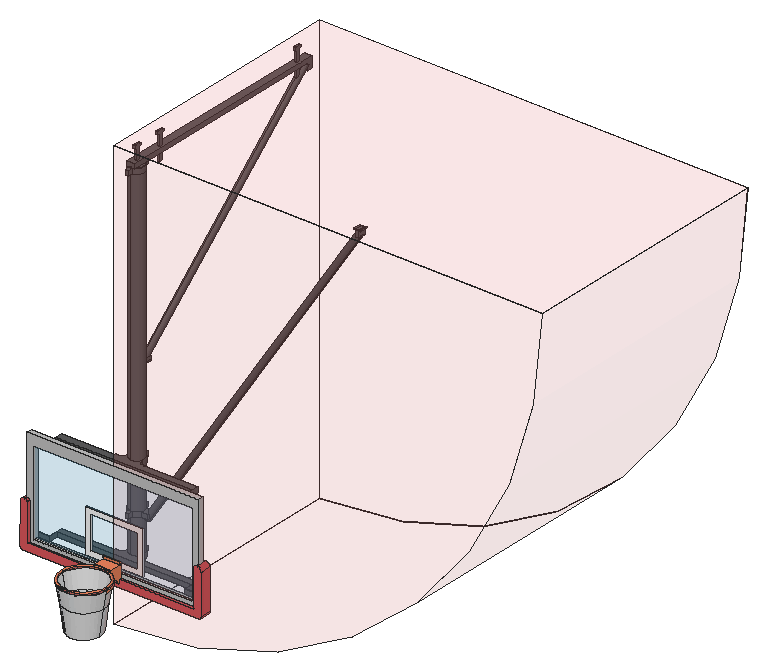
Revit family "Basketball_Backstop-Ceiling_Mount-Side_Fold-IPIbyBison-IP1345SF", category Specialty Equipment, Revit 2024
Family settings
  Round Connector Dimension = Use Diameter
  Part Type = Normal
  OmniClass Number = 23.40.50.34.14
  OmniClass Title = Gymnasium Equipment
  Enable Cutting in Views = No
  Always vertical = Yes
  Cut with Voids When Loaded = No
  Maintain Annotation Orientation = No
  Shared = No
  Room Calculation Point = No
Parameters (values of type "Right Fold")
  swingvis [instance] = and(Swing Clearance Visible, or(Fold Left, Fold Right))  # yes
  swingangle [instance] = if(Fold Left, 90.00°, -90.00°)  # -90.00°
  Unit Weight [instance] = 0
  URL = "https://ipibybison.com/"
  Swing Clearance Visible [instance] = yes
  Specification = "https://www.arcat.com/company/ipi-by-bison-38554/spec"
  Set Frame Below Truss Level [instance] = -0' - 1"
  Rim Color [instance] = Plastic - IPI by Bison - Orange OR
  Product Page URL = "https://www.arcat.com/arcatcos/cos38/arc38554.html"
  Net Color [instance] = Finish - IPI by Bison - White Netting
  Model = "IP1345SFR"
  Manufacturer = "IPI by Bison"
  Keynote = "11 66 00"
  Glass [instance] = Glass - IPI by Bison
  Frame Finish [instance] = Finish - IPI by Bison - Black
  Folding Clearance [instance] = ARCAT Clearance
  Fold Right = yes
  Fold Left = no
  F_Length of Piping Below Brace Point [instance] = 1' - 6"
  FF to Top of Hoop [instance] = 10' - 0"
  Description = "Back Folding Basketball Frame and Backboard, Ceiling Mount"
  Default Elevation = 0' - 0"
  Copyright = "© 2023 ARCAT"  # constant formula
  CAD Details = "https://www.arcat.com/company/ipi-by-bison-38554/cad"
  Backboard Type = Backboard_BA42XLGlass : Backboard_BA42XLGlass
  Backboard Square Color [instance] = Finish - IPI by Bison - White
  Backboard Padding Color [instance] = Plastic - IPI by Bison - Scarlet SC
  Backboard Frame Color [instance] = Finish - IPI by Bison - Satin Aluminum
  Backboard Distance from Wall [instance] = 7' - 0"
  B_Distance Between Y Frame Supports [instance] = 6' - 0"
  Available Options = "as Specified"
  A_Distance to Brace [instance] = 7' - 10"
Types (2): name | swingangle | Model | Fold Right | Fold Left
  Right Fold | -90.00° | "IP1345SFR" | yes | no
  Left Fold | 90.00° | "IP1345SFL" | no | yes
Reference planes (in)
  plane 1 "Center (Front/Back)": y = 0
  plane 2: z = 0
  plane 3 "Center (Left/Right)": x = 0
  plane 4: y = -84
  plane 5: z = 120
  plane 6: y = -72
  plane 7: y = 0
Forms (in)
  Revolve 1, solid, material "ARCAT Clearance" <- "Folding Clearance", visible <- "swingvis"
    sketch origin (0, 0, 0) x (0, 1, 0) y (0, 0, 1)
      loop
        line (12, 276) -> (-96, 276) -> (-96, 96) -> (12, 96) -> (12, 276)
      axis (12, 276) -> (-96, 276)
    angle from 0 to -90 <- "swingangle"
Dimensions and locks (in)
  "Backboard Distance from Wall": plane 4 to plane 1 "Center (Front/Back)"
  "FF to Top of Hoop": plane 5 to level
  locked: plane 4 to plane 6 at 12
  "B_Distance Between Y Frame Supports": plane 6 to plane 7
  locked: plane 7 to Revolve 1 sketch curve at 12
  locked: Revolve 1 sketch curve to plane 4 at 12
  locked: Revolve 1 sketch curve to plane 5 at 24
  aligned and locked: level to plane 2
  aligned and locked: plane 4 to nested 1
  aligned and locked: nested 2 to plane 3 "Center (Left/Right)"
  aligned and locked: nested 3 to plane 3 "Center (Left/Right)"
  aligned and locked: nested 2 to plane 4
  aligned and locked: plane 4 to nested 3
  aligned and locked: level to Revolve 1 sketch curve
Automatic sketch dimensions
  Revolve 1 sketch curve to level = 0' - 0"
  Revolve 1 sketch curve to Revolve 1 sketch curve = 1' - 10"
  Revolve 1 sketch curve to Revolve 1 sketch curve = 0' - 8"
Nested families (in)
  nested 1: "Backboard_BA42XLGlass" at (0, -84, 120) x (-1, 0, 0) z (0, 0, 1), built-in parameter 1001364 <- "FF to Top of Hoop", backboard color <- "Backboard Frame Color", backboard square color <- "Backboard Square Color", frame finish <- "Frame Finish", glass <- "Glass", rim finish <- "Rim Color", net color <- "Net Color", padding color <- "Backboard Padding Color", height offset <- "FF to Top of Hoop", type "Backboard_BA42XLGlass"
    with rim finish Plastic - IPI by Bison - Orange OR, padding color Plastic - IPI by Bison - Scarlet SC, net color Finish - IPI by Bison - White Netting, height offset 10' - 0", glass Glass - IPI by Bison, frame finish Finish - IPI by Bison - Black, backboard square color Finish - IPI by Bison - White, backboard color Finish - IPI by Bison - Satin Aluminum
  nested 2: "Frame_SFSB" at (0, -84, 275) x (0, -1, 0) z (0, 0, 1), built-in parameter 1001364 <- "Set Frame Below Truss Level", a <- "A_Distance to Brace", b <- "B_Distance Between Y Frame Supports", f <- "F_Length of Piping Below Brace Point", frame <- "Frame Finish", visible <- "Fold Right", type "Frame_SFSB"
    with frame Finish - IPI by Bison - Black, f 1' - 6", b 6' - 0", a 7' - 10"
  nested 3: "Frame_SFSB" at (0, -84, 275) x (0, -1, 0) z (0, 0, 1), built-in parameter 1001364 <- "Set Frame Below Truss Level", a <- "A_Distance to Brace", b <- "B_Distance Between Y Frame Supports", f <- "F_Length of Piping Below Brace Point", frame <- "Frame Finish", visible <- "Fold Left", type "Frame_SFSB"
    with frame Finish - IPI by Bison - Black, f 1' - 6", b 6' - 0", a 7' - 10"
Definition of nested family "Backboard_BA42XLGlass"
  Parameters (values of type "Backboard_BA42XLGlass")
    padding color [instance] = none
    net color [instance] = none
    rim finish [instance] = none
    height offset [instance] = 9' - 6"
    glass [instance] = none
    frame finish [instance] = none
    backboard square color [instance] = none
    backboard color [instance] = none
    Default Elevation = 4' - 0"
  Reference planes (in)
    plane 1 "Center (Front/Back)": y = 0
    plane 2: z = 0
    plane 3 "Center (Left/Right)": x = 0
    plane 4: z = -114
  Forms (in)
    Extrusion 1, solid, material <- "backboard color"
      sketch origin (-8.43545, 11.2937, 28.94441) x (1, 0, 0) y (0, 0, 1)
        loop
          line (-27.56455, 6.99989) -> (-27.56455, -35.00011) -> (44.43545, -35.00011) -> (44.43545, 6.99989) -> (-27.56455, 6.99989)
        loop
          line (41.81045, 2.74989) -> (-24.93955, 2.74989) -> (-24.93955, -32.37511) -> (41.81045, -32.37511) -> (41.81045, 2.74989)
      from 1.125 to -1.125
    Extrusion 2, solid, material <- "padding color"
      sketch origin (-8.43545, 11.2937, 29.06941) x (1, 0, 0) y (0, 0, 1)
        loop
          line (-27.55038, -17.62511) -> (-27.80038, -17.62511)
          arc (-27.80038, -17.62511) -> (-29.03781, -18.13767) -> (-29.55038, -19.37511) r 1.75
          line (-29.55038, -19.37511) -> (-29.55038, -36.12511)
          arc (-29.55038, -36.12511) -> (-29.25748, -36.83222) -> (-28.55038, -37.12511) r 1
          line (-28.55038, -37.12511) -> (45.44962, -37.12511)
          arc (45.44962, -37.12511) -> (46.15673, -36.83222) -> (46.44962, -36.12511) r 1
          line (46.44962, -36.12511) -> (46.44962, -19.37511)
          arc (46.44962, -19.37511) -> (45.93706, -18.13767) -> (44.69962, -17.62511) r 1.75
          line (44.69962, -17.62511) -> (44.42127, -17.62511)
          arc (44.42127, -17.62511) -> (43.71416, -17.918) -> (43.42127, -18.62511) r 1
          line (43.42127, -18.62511) -> (43.42127, -33.98376) -> (-26.55038, -33.98376) -> (-26.55038, -18.62511)
          arc (-26.55038, -18.62511) -> (-26.84327, -17.918) -> (-27.55038, -17.62511) r 1
      from -2.18697 to 2.14819
    Revolve 3, solid, material <- "net color"
      sketch origin (-8.43545, 27.4812, 28.93687) x (1, 0, 0) y (0, 0, 1)
        loop
          circle (-0.85808, -29.24642) r 0.3125
        loop
          line (-1.03195, -29.9762) -> (0.27041, -37.36226) -> (1.80132, -48.25521) -> (2.05377, -48.25521) -> (0.51737, -37.32314) -> (-0.77809, -29.9762) -> (-1.03195, -29.9762)
        axis (8.43545, -48.25521) -> (8.43545, -29.24642)
      angle from 0 to 360
    Revolve 4, solid, material <- "rim finish"
      sketch origin (0.02792, 11.2937, 0) x (0, 1, 0) y (0, 0, 1)
        loop
          line (6.79001, -0.625) -> (6.54001, -0.625) -> (6.54001, -2.125) -> (6.79001, -2.125) -> (6.79001, -0.625)
        axis (16.04001, -2.125) -> (16.04001, -0.625)
      angle from -90 to 90
    Extrusion 5, solid, material <- "rim finish"
      sketch origin (0, 0, 0) x (0, 1, 0) y (0, 0, 1)
        loop
          line (17.69724, 0) -> (12.8212, 0) -> (13.12361, 1.21287) -> (12.79369, 1.29513) -> (12.47078, 0) -> (12.47078, -6.5) -> (13.63137, -6.5) -> (17.69724, -2.43414) -> (17.69724, 0)
      from -3.50075 to 3.49925
    Extrusion 6, solid, material <- "backboard square color"
      sketch origin (0.02792, 11.2937, 0) x (1, 0, 0) y (0, 0, 1)
        loop
          line (-12.02792, 16.0023) -> (-12.02792, -1.9977) -> (11.97208, -1.9977) -> (11.97208, 16.0023) -> (-12.02792, 16.0023)
        loop
          line (-10.02792, 14.0023) -> (-10.02792, 0) -> (9.97208, 0) -> (9.97208, 14.0023) -> (-10.02792, 14.0023)
      from -0.44333 to 0.05679
    Extrusion 7, solid, material <- "glass"
      sketch origin (0.02792, 11.2937, 0) x (1, 0, 0) y (0, 0, 1)
        loop
          line (-33.40292, 31.6943) -> (-33.40292, -3.4307) -> (33.34708, -3.4307) -> (33.34708, 31.6943) -> (-33.40292, 31.6943)
      from -0.405 to 0
    Extrusion 8, solid, material <- "frame finish"
      sketch origin (0, 11.2937, 0) x (1, 0, 0) y (0, 1, 0)
        loop
          line (-28.5, -7.7495) -> (-6, -7.7495) -> (-6, -8.1245) -> (-4.12188, -8.1245) -> (-3.02199, -10.02957)
          arc (-3.02199, -10.02957) -> (-2.89931, -12.81607) -> (-0.66175, -14.4813) r 3.25
          line (-0.66175, -14.4813) -> (-0.66175, -16.28845) -> (0.60591, -16.28845) -> (0.60591, -14.4813)
          arc (0.60591, -14.4813) -> (2.82905, -12.84298) -> (2.98938, -10.08605) r 3.25
          line (2.98938, -10.08605) -> (4.12188, -8.1245) -> (6, -8.1245) -> (6, -7.7495) -> (28.5, -7.7495) -> (28.5, -1.4995) -> (33, -1.4995) -> (33, -1.125) -> (28.25, -1.125) -> (28.25, -4.7495) -> (-28.25, -4.7495) -> (-28.25, -1.125) -> (-33, -1.125) -> (-33, -1.4995) -> (-28.5, -1.4995) -> (-28.5, -7.7495)
      from -3.4307 to -1.5237
    Extrusion 9, solid, material <- "frame finish"
      sketch origin (0, 11.2937, 0) x (1, 0, 0) y (0, 1, 0)
        loop
          line (-28.5, -7.7495) -> (-6, -7.7495) -> (-6, -8.1245) -> (-4.12188, -8.1245) -> (-3.02199, -10.02957)
          arc (-3.02199, -10.02957) -> (-2.89931, -12.81607) -> (-0.66175, -14.4813) r 3.25
          line (-0.66175, -14.4813) -> (-0.66175, -16.28845) -> (0.60591, -16.28845) -> (0.60591, -14.4813)
          arc (0.60591, -14.4813) -> (2.82905, -12.84298) -> (2.98938, -10.08605) r 3.25
          line (2.98938, -10.08605) -> (4.12188, -8.1245) -> (6, -8.1245) -> (6, -7.7495) -> (28.5, -7.7495) -> (28.5, -1.4995) -> (33, -1.4995) -> (33, -1.125) -> (28.25, -1.125) -> (28.25, -4.7495) -> (-28.25, -4.7495) -> (-28.25, -1.125) -> (-33, -1.125) -> (-33, -1.4995) -> (-28.5, -1.4995) -> (-28.5, -7.7495)
      from 31.75979 to 34.1423
  Lines and regions (in)
    model lines
      curve 1: line (-0.00075, 0, 0) -> (-0.00075, 0, -114)
  Dimensions and locks (in)
    "height offset": level to plane 4
    aligned and locked: plane 2 to level
    aligned and locked: plane 4 to curve 1
  Automatic sketch dimensions
    curve 1 to level = 0' - 0"
    curve 1 to plane 3 "Center (Left/Right)" = 0' - 0.00075"
    Extrusion 1 sketch curve to plane 3 "Center (Left/Right)" = 3' - 0"
    Extrusion 1 sketch curve to Extrusion 1 sketch curve = 0' - 2 5/8"  (x2)
    plane 3 "Center (Left/Right)" to Extrusion 1 sketch curve = 2' - 9 3/8"
    Extrusion 1 sketch curve to level = 0' - 6.0557"
    Extrusion 1 sketch curve to level = 0' - 3.4307"
    level to Extrusion 1 sketch curve = 2' - 7.6943"
    Extrusion 1 sketch curve to Extrusion 1 sketch curve = 0' - 4 1/4"
    level to Extrusion 2 sketch curve = 0' - 9.6943"
    Extrusion 2 sketch curve to plane 3 "Center (Left/Right)" = 3' - 1.98582"
    Extrusion 2 sketch curve to Extrusion 2 sketch curve = 0' - 1"  (x4)
    Extrusion 2 sketch curve to Extrusion 2 sketch curve = 0' - 1 3/4"
    Extrusion 2 sketch curve to Extrusion 2 sketch curve = 0' - 0 1/4"
    level to Extrusion 2 sketch curve = 0' - 10.4443"
    plane 3 "Center (Left/Right)" to Extrusion 2 sketch curve = 2' - 10.98582"
    Extrusion 2 sketch curve to Extrusion 2 sketch curve = 0' - 0.27835"
    Extrusion 2 sketch curve to Extrusion 2 sketch curve = 0' - 2.02835"
    Extrusion 2 sketch curve to level = 0' - 4.91435"
    Extrusion 2 sketch curve to Extrusion 2 sketch curve = 0' - 2.14135"
    Revolve 3 sketch curve to plane 3 "Center (Left/Right)" = 0' - 0"
    Revolve 3 sketch curve to plane 3 "Center (Left/Right)" = 0' - 6.38167"
    Revolve 3 sketch curve to Revolve 3 sketch curve = 0' - 0.25246"
    Revolve 3 sketch curve to plane 3 "Center (Left/Right)" = 0' - 7.91808"
    Revolve 3 sketch curve to Revolve 3 sketch curve = 0' - 0.24696"
    Revolve 3 sketch curve to level = 0' - 1.03933"
    Revolve 3 sketch curve to Revolve 3 sketch curve = 0' - 1.0485"
    Revolve 3 sketch curve to level = 0' - 0.30954"
    Revolve 3 sketch curve to Revolve 3 sketch curve = 0' - 0.07999"
    Revolve 3 sketch curve to Revolve 3 sketch curve = 0' - 0.25386"
    Revolve 3 sketch curve to Revolve 3 sketch curve = 0' - 7.34694"
    Revolve 3 sketch curve to Revolve 3 sketch curve = 0' - 0.03911"
    Revolve 3 sketch curve to Revolve 3 sketch curve = 0' - 10.89295"
    Revolve 3 sketch curve to level = 0' - 0.00754"
    level to Revolve 3 sketch curve = 0' - 2.99246"
    Revolve 4 sketch curve to level = 0' - 2 1/8"
    Revolve 4 sketch curve to plane 1 "Center (Front/Back)" = 1' - 5.83371"
    Revolve 4 sketch curve to Revolve 4 sketch curve = 0' - 0 1/4"
    Revolve 4 sketch curve to level = 0' - 0 5/8"  (x2)
    Revolve 4 sketch curve to Revolve 4 sketch curve = 0' - 9 1/4"
    level to Revolve 4 sketch curve = 0' - 3 1/8"
    Extrusion 5 sketch curve to level = 0' - 0"  (x2)
    Extrusion 5 sketch curve to plane 1 "Center (Front/Back)" = 1' - 0.47078"
    level to Extrusion 5 sketch curve = 0' - 1.29513"
    Extrusion 5 sketch curve to Extrusion 5 sketch curve = 0' - 0.32291"
    Extrusion 5 sketch curve to Extrusion 5 sketch curve = 0' - 0.35043"
    Extrusion 5 sketch curve to Extrusion 5 sketch curve = 0' - 1.16059"
    Extrusion 5 sketch curve to Extrusion 5 sketch curve = 0' - 4.57363"
    Extrusion 5 sketch curve to Extrusion 5 sketch curve = 0' - 2.43414"
    Extrusion 5 sketch curve to Extrusion 5 sketch curve = 0' - 6 1/2"
    Extrusion 6 sketch curve to level = 0' - 0"
    Extrusion 6 sketch curve to level = 0' - 1.9977"
    Extrusion 6 sketch curve to plane 3 "Center (Left/Right)" = 1' - 0"
    Extrusion 6 sketch curve to Extrusion 6 sketch curve = 0' - 2"  (x3)
    plane 3 "Center (Left/Right)" to Extrusion 6 sketch curve = 0' - 10"
    Extrusion 6 sketch curve to Extrusion 6 sketch curve = 1' - 2.0023"
    Extrusion 7 sketch curve to plane 3 "Center (Left/Right)" = 2' - 9 3/8"
    Extrusion 7 sketch curve to level = 0' - 3.4307"
    plane 3 "Center (Left/Right)" to Extrusion 7 sketch curve = 2' - 9 3/8"
    level to Extrusion 7 sketch curve = 2' - 7.6943"
    Extrusion 8 sketch curve to Extrusion 8 sketch curve = 0' - 0"  (x3)
    plane 1 "Center (Front/Back)" to Extrusion 8 sketch curve = 0' - 0"
    Extrusion 8 sketch curve to plane 1 "Center (Front/Back)" = 0' - 9.7942"
    Extrusion 8 sketch curve to plane 3 "Center (Left/Right)" = 2' - 9"
    Extrusion 8 sketch curve to plane 1 "Center (Front/Back)" = 0' - 3.5442"
    Extrusion 8 sketch curve to Extrusion 8 sketch curve = 0' - 4 1/2"  (x2)
    Extrusion 8 sketch curve to Extrusion 8 sketch curve = 0' - 0 1/4"  (x2)
    Extrusion 8 sketch curve to plane 3 "Center (Left/Right)" = 0' - 6"
    Extrusion 8 sketch curve to Extrusion 8 sketch curve = 0' - 1.87812"  (x2)
    Extrusion 8 sketch curve to Extrusion 8 sketch curve = 0' - 1.09989"
    Extrusion 8 sketch curve to plane 3 "Center (Left/Right)" = 0' - 0.66175"
    Extrusion 8 sketch curve to plane 3 "Center (Left/Right)" = 0' - 0.02792"
    plane 3 "Center (Left/Right)" to Extrusion 8 sketch curve = 0' - 0.60591"
    Extrusion 8 sketch curve to plane 1 "Center (Front/Back)" = 0' - 1.20765"
    plane 3 "Center (Left/Right)" to Extrusion 8 sketch curve = 0' - 2.98938"
    Extrusion 8 sketch curve to Extrusion 8 sketch curve = 0' - 1.1325"
    Extrusion 8 sketch curve to plane 1 "Center (Front/Back)" = 0' - 10.1687"
    Extrusion 8 sketch curve to Extrusion 8 sketch curve = 1' - 10 1/4"
    Extrusion 8 sketch curve to Extrusion 8 sketch curve = 0' - 1.80715"
    Extrusion 8 sketch curve to Extrusion 8 sketch curve = 0' - 0 3/8"  (x2)
    Extrusion 8 sketch curve to plane 1 "Center (Front/Back)" = 0' - 3.1692"
    Extrusion 8 sketch curve to Extrusion 8 sketch curve = 0' - 3"
    Extrusion 8 sketch curve to Extrusion 8 sketch curve = 0' - 0.3745"  (x2)
    Extrusion 9 sketch curve to Extrusion 9 sketch curve = 0' - 0"  (x3)
    plane 1 "Center (Front/Back)" to Extrusion 9 sketch curve = 0' - 0"
    Extrusion 9 sketch curve to plane 1 "Center (Front/Back)" = 0' - 9.7942"
    Extrusion 9 sketch curve to plane 3 "Center (Left/Right)" = 2' - 9"
    Extrusion 9 sketch curve to plane 1 "Center (Front/Back)" = 0' - 3.5442"  (x2)
    Extrusion 9 sketch curve to Extrusion 9 sketch curve = 0' - 4 1/2"  (x2)
    Extrusion 9 sketch curve to Extrusion 9 sketch curve = 0' - 0 1/4"  (x2)
    Extrusion 9 sketch curve to plane 3 "Center (Left/Right)" = 0' - 6"
    Extrusion 9 sketch curve to Extrusion 9 sketch curve = 0' - 1.87812"  (x2)
    Extrusion 9 sketch curve to Extrusion 9 sketch curve = 0' - 1.09989"
    Extrusion 9 sketch curve to plane 3 "Center (Left/Right)" = 0' - 0.66175"
    Extrusion 9 sketch curve to plane 3 "Center (Left/Right)" = 0' - 0.02792"
    plane 3 "Center (Left/Right)" to Extrusion 9 sketch curve = 0' - 0.60591"
    Extrusion 9 sketch curve to plane 1 "Center (Front/Back)" = 0' - 1.20765"
    plane 3 "Center (Left/Right)" to Extrusion 9 sketch curve = 0' - 2.98938"
    Extrusion 9 sketch curve to Extrusion 9 sketch curve = 0' - 1.1325"
    Extrusion 9 sketch curve to plane 1 "Center (Front/Back)" = 0' - 10.1687"
    Extrusion 9 sketch curve to Extrusion 9 sketch curve = 1' - 10 1/4"
    Extrusion 9 sketch curve to Extrusion 9 sketch curve = 0' - 1.80715"
    Extrusion 9 sketch curve to Extrusion 9 sketch curve = 0' - 0 3/8"
    Extrusion 9 sketch curve to plane 1 "Center (Front/Back)" = 0' - 3.1692"
    Extrusion 9 sketch curve to Extrusion 9 sketch curve = 0' - 3"
    Extrusion 9 sketch curve to Extrusion 9 sketch curve = 0' - 0.3745"  (x2)
    radius of Revolve 3 sketch curve = 0' - 0 5/16"
Definition of nested family "Frame_SFSB"
  Parameters (values of type "Frame_SFSB")
    frame [instance] = none
    f [instance] = 1' - 6"
    b [instance] = 3' - 0"
    a [instance] = 7' - 10"
    Default Elevation = 4' - 0"
  Reference planes (in)
    plane 1 "Center (Front/Back)": y = 0
    plane 2: z = 0
    plane 3 "Center (Left/Right)": x = 0
    plane 4: z = -4.125
    plane 5: z = -159.08066
    plane 6: z = -141.08066
    plane 7: y = 94
    plane 8: x = -12
    plane 9: x = -48
  Forms (in)
    Extrusion 1, solid, material <- "frame"
      sketch origin (0, 0, 0) x (-1, 0, 0) y (0, 0, 1)
        loop
          line (-3, -10.93966) -> (52, -10.93966) -> (52, -13.93966) -> (54, -13.93966) -> (54, -9.12716) -> (-3, -9.12716) -> (-3, -10.93966)
      from -1.5 to 1.5
    Sweep 2, solid, material <- "frame"
      path origin (0, 0, 0) x (-1, 0, 0) y (0, 0, 1)
        loop
          line (52.82457, -11.97955) -> (4.2199, -85.60455)
      profile origin (-28.52224, 0, -48.79205) x (-0.834546, 0, -0.550938) y (0, 1, 0)
        loop
          circle (0, 0) r 1.1875
    Extrusion 3, solid, material <- "frame"
      sketch origin (0, 0, 0) x (-1, 0, 0) y (0, 0, 1)
        loop
          line (11.5, -3.57547) -> (10.8199, -3.57547) -> (10.8199, -4.57547) -> (11.5, -4.57547) -> (11.5, -14.94659) -> (12.5, -14.94659) -> (12.5, -4.50272) -> (13.68819, -4.50272) -> (13.68819, -3.67379) -> (12.875, -3.67379) -> (12.875, -3.45566) -> (11.5, -3.45566) -> (11.5, -3.57547)
        loop
          line (47.5, -3.57547) -> (46.8199, -3.57547) -> (46.8199, -4.57547) -> (47.5, -4.57547) -> (47.5, -14.94659) -> (48.5, -14.94659) -> (48.5, -4.50272) -> (49.68819, -4.50272) -> (49.68819, -3.67379) -> (48.875, -3.67379) -> (48.875, -3.45566) -> (47.5, -3.45566) -> (47.5, -3.57547)
        loop
          line (-0.5, -3.57547) -> (-1.1801, -3.57547) -> (-1.1801, -4.57547) -> (-0.5, -4.57547) -> (-0.5, -14.94659) -> (0.5, -14.94659) -> (0.5, -4.50272) -> (1.68819, -4.50272) -> (1.68819, -3.67379) -> (0.875, -3.67379) -> (0.875, -3.45566) -> (-0.5, -3.45566) -> (-0.5, -3.57547)
      from -0.4375 to 0.4375
    Extrusion 4, solid, material <- "frame"
      sketch origin (0, 0, 0) x (0, -1, 0) y (0, 0, 1)
        loop
          line (-1.5, -85.08066) -> (-1.5, -86.58066)
          arc (-1.5, -86.58066) -> (-1.35355, -86.93421) -> (-1, -87.08066) r 0.5
          line (-1, -87.08066) -> (1, -87.08066)
          arc (1, -87.08066) -> (1.35355, -86.93421) -> (1.5, -86.58066) r 0.5
          line (1.5, -86.58066) -> (1.5, -85.08066) -> (-1.5, -85.08066)
      from -0.06845 to 5.8145
    Extrusion 5, solid, material <- "frame"
      sketch origin (0, 0, 0) x (-1, 0, 0) y (0, -1, 0)
        loop
          circle (0, 0) r 3
      from -159.08066 to -10.81466
    Extrusion 6, solid, material <- "frame"
      sketch origin (0, 0, 0) x (-1, 0, 0) y (0, -1, 0)
        loop
          line (-5.03472, 0.60591) -> (-5.03472, -0.60591) -> (-3.12072, -0.60591)
          arc (-3.12072, -0.60591) -> (0, -3.179) -> (3.12072, -0.60591) r 3.179
          line (3.12072, -0.60591) -> (5.03472, -0.60591) -> (5.03472, 0.60591) -> (3.12072, 0.60591)
          arc (3.12072, 0.60591) -> (0, 3.179) -> (-3.12072, 0.60591) r 3.179
          line (-3.12072, 0.60591) -> (-5.03472, 0.60591)
      from -13.07366 to -11.07366
    Sweep 7, solid, material <- "frame"
      path origin (0, 0, 0) x (0, -1, 0) y (0, 0, 1)
        loop
          line (-4.7442, -142.54073) -> (-94, -3.76608)
      profile origin (0, 49.3721, -73.15341) x (0, 0.841058, -0.540944) y (-1, 0, 0)
        loop
          circle (0, 0) r 1.1875
    Extrusion 8, solid, material <- "frame"
      sketch origin (0, 0, 0) x (-1, 0, 0) y (0, -1, 0)
        loop
          line (-5.03472, 0.60591) -> (-5.03472, -0.60591) -> (-3.12072, -0.60591)
          arc (-3.12072, -0.60591) -> (-2.55821, -1.88723) -> (-1.5, -2.80286) r 3.179
          line (-1.5, -2.80286) -> (-1.5, -6.10591) -> (1.5, -6.10591) -> (1.5, -2.80286)
          arc (1.5, -2.80286) -> (2.55821, -1.88723) -> (3.12072, -0.60591) r 3.179
          line (3.12072, -0.60591) -> (5.03472, -0.60591) -> (5.03472, 0.60591) -> (3.12072, 0.60591)
          arc (3.12072, 0.60591) -> (0, 3.179) -> (-3.12072, 0.60591) r 3.179
          line (-3.12072, 0.60591) -> (-5.03472, 0.60591)
      from -142.08066 to -140.08066
    Extrusion 9, solid, material <- "frame"
      sketch origin (0, 0, -1.125) x (0, -1, 0) y (0, 0, 1)
        loop
          line (-94.625, -0.80732) -> (-94.625, -3.80732) -> (-93.375, -3.80732) -> (-93.375, -0.80732) -> (-94.625, -0.80732)
      from -1.5 to 1.5
    Extrusion 10, solid, material <- "frame"
      sketch origin (0, 0, -1.125) x (0, -1, 0) y (0, 0, 1)
        loop
          line (-95.5, -0.80732) -> (-95.5, -1.05732) -> (-92.5, -1.05732) -> (-92.5, -0.80732) -> (-95.5, -0.80732)
      from -1.5 to 1.5
  Dimensions and locks (in)
    locked: level to plane 4 at 4.125
    "f": plane 6 to plane 5
    locked: level to plane 6 at 141.08066
    locked: plane 3 "Center (Left/Right)" to Sweep 2 sketch curve at 4.2199
    locked: plane 4 to Sweep 2 sketch curve at 7.85455
    locked: Extrusion 1 sketch curve to Extrusion 1 sketch curve at 2
    Extrusion 3 sketch curve to Extrusion 3 sketch curve to Extrusion 3 sketch curve to Extrusion 3 sketch curve to Extrusion 3 sketch curve to Extrusion 3 sketch curve = 0' - 0.81319" locked, 0' - 0 3/8" locked, 0' - 1", 0' - 0" locked, 0' - 0.6801" locked  (x3)
    "a": plane 1 "Center (Front/Back)" to plane 7
    Extrusion 10 sketch curve to plane 7 to Extrusion 10 sketch curve = 0' - 1 1/2" locked, 0' - 1 1/2" locked
    Extrusion 9 sketch curve to plane 7 to Extrusion 9 sketch curve = 0' - 0 5/8" locked, 0' - 0 5/8" locked
    locked: plane 7 to Sweep 7 sketch curve at 0
    locked: level to Sweep 7 sketch curve at 3.76608
    locked: plane 6 to Sweep 7 sketch curve at 1.46007
    locked: plane 1 "Center (Front/Back)" to Sweep 7 sketch curve at 4.7442
    Extrusion 4 sketch curve to Extrusion 4 sketch curve to plane 6 = 0' - 2" locked, 4' - 6" locked
    locked: plane 3 "Center (Left/Right)" to plane 8 at 12
    "b": plane 8 to plane 9
    locked: plane 9 to Extrusion 3 sketch curve at 1.68819
    locked: plane 8 to Extrusion 3 sketch curve at 1.68819
    locked: plane 9 to Extrusion 1 sketch curve at 4
    locked: Extrusion 1 sketch curve to plane 3 "Center (Left/Right)" at 3
    locked: plane 9 to Sweep 2 sketch curve at 4.82457
    locked: plane 4 to Sweep 2 sketch curve at 81.47955
    locked: plane 3 "Center (Left/Right)" to Extrusion 3 sketch curve at 1.68819
    aligned and locked: plane 2 to level
    aligned and locked: plane 5 to Extrusion 5
  Automatic sketch dimensions
    Extrusion 1 sketch curve to plane 4 = 0' - 6.81466"
    Extrusion 1 sketch curve to plane 4 = 0' - 9.81466"
    Extrusion 1 sketch curve to Extrusion 1 sketch curve = 0' - 1 13/16"
    Sweep 2 sketch curve to profile plane = 0' - 0"
    profile plane to Sweep 2 sketch curve = 0' - 0"
    Extrusion 4 sketch curve to plane 1 "Center (Front/Back)" = 0' - 1 1/2"
    Extrusion 4 sketch curve to Extrusion 4 sketch curve = 0' - 0 1/2"  (x2)
    plane 1 "Center (Front/Back)" to Extrusion 4 sketch curve = 0' - 1"
    plane 1 "Center (Front/Back)" to Extrusion 5 sketch curve = 0' - 0"
    Extrusion 5 sketch curve to plane 3 "Center (Left/Right)" = 0' - 0"
    Extrusion 6 sketch curve to Extrusion 6 sketch curve = 0' - 0"  (x3)
    plane 1 "Center (Front/Back)" to Extrusion 6 sketch curve = 0' - 0"
    Extrusion 6 sketch curve to plane 3 "Center (Left/Right)" = 0' - 0"
    Extrusion 6 sketch curve to plane 1 "Center (Front/Back)" = 0' - 0.60591"  (x2)
    plane 3 "Center (Left/Right)" to Extrusion 6 sketch curve = 0' - 3.12072"
    plane 1 "Center (Front/Back)" to Extrusion 6 sketch curve = 0' - 0.60591"  (x2)
    Extrusion 6 sketch curve to Extrusion 6 sketch curve = 0' - 1.914"  (x2)
    Extrusion 6 sketch curve to plane 3 "Center (Left/Right)" = 0' - 3.12072"
    profile plane to Sweep 7 sketch curve = 0' - 0"
    Sweep 7 sketch curve to profile plane = 0' - 0"
    Extrusion 9 sketch curve to plane 4 = 0' - 0.80732"
    Extrusion 9 sketch curve to level = 0' - 1.93232"
    plane 4 to Extrusion 10 sketch curve = 0' - 1.94268"
    Extrusion 10 sketch curve to Extrusion 10 sketch curve = 0' - 0 1/4"
    Extrusion 8 sketch curve to Extrusion 8 sketch curve = 0' - 0"  (x6)
    plane 1 "Center (Front/Back)" to Extrusion 8 sketch curve = 0' - 0"
    Extrusion 8 sketch curve to plane 3 "Center (Left/Right)" = 0' - 0"
    plane 3 "Center (Left/Right)" to Extrusion 8 sketch curve = 0' - 1 1/2"
    Extrusion 8 sketch curve to plane 1 "Center (Front/Back)" = 0' - 0.60591"  (x2)
    plane 3 "Center (Left/Right)" to Extrusion 8 sketch curve = 0' - 3.12072"
    plane 1 "Center (Front/Back)" to Extrusion 8 sketch curve = 0' - 0.60591"  (x2)
    Extrusion 8 sketch curve to Extrusion 8 sketch curve = 0' - 1.914"  (x2)
    Extrusion 8 sketch curve to plane 3 "Center (Left/Right)" = 0' - 1 1/2"
    Extrusion 8 sketch curve to plane 3 "Center (Left/Right)" = 0' - 3.12072"
    Extrusion 8 sketch curve to Extrusion 8 sketch curve = 0' - 3.30305"
    plane 4 to Extrusion 3 sketch curve = 0' - 0.45121"  (x3)
    Extrusion 3 sketch curve to plane 4 = 0' - 0.37772"  (x3)
    Extrusion 3 sketch curve to plane 4 = 0' - 0.45047"  (x3)
    Extrusion 3 sketch curve to Extrusion 3 sketch curve = 0' - 10.37112"  (x3)
    plane 4 to Extrusion 3 sketch curve = 0' - 0.54953"  (x3)
    Extrusion 3 sketch curve to Extrusion 3 sketch curve = 0' - 0.21814"  (x3)
    radius of Sweep 2 sketch curve = 0' - 1 3/16"
    radius of Extrusion 5 sketch curve = 0' - 3"
    radius of Sweep 7 sketch curve = 0' - 1 3/16"
